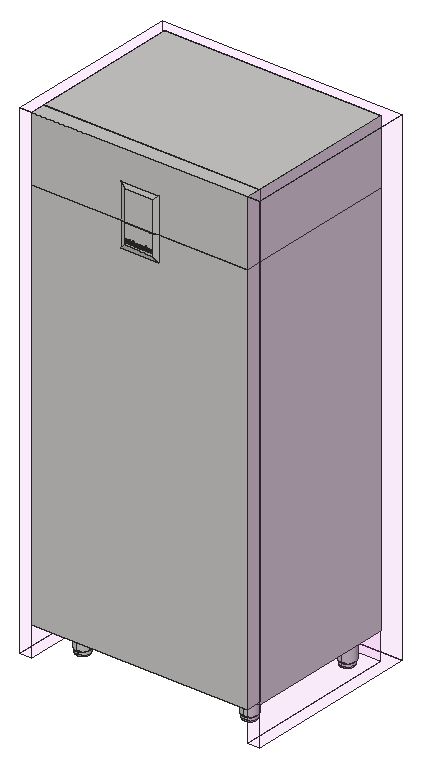
Revit family "QF_ELECTROLUXPROFESSIONAL_691349_PS06R1FHC", category Specialty Equipment, Revit 2018
Family settings
  Round Connector Dimension = Use Diameter
  Part Type = Normal
  Work Plane-Based = No
  Always vertical = Yes
  Cut with Voids When Loaded = No
  Shared = No
  Room Calculation Point = No
Parameters (values of type "Standard")
  Weight = 28.8044 lbm
  Watts = 0 W
  Volts = 220 V
  URL Manufacturer = "http://professional.electrolux.com"
  URL = "http://professional.electrolux.com"
  Steam Supply Size = 0"
  Steam Supply Minimum Pressure = 0.00 psi
  Steam Supply Maximum Pressure = 0.00 psi
  Steam Pounds per Hour = 0
  Show Clearance [instance] = yes
  Refrigeration Suction Line Size = 0"
  Refrigeration Liquid Line Size = 0"
  Refrigerant Compressor Remote = yes
  Phase = 1
  Model = "PS06R1FHC"
  Manufacturer = "Electrolux Professional"
  Length Actual = 900 mm  # constant formula
  Item Number = "691349"
  Hot Water Size = 0"
  Height Actual = 2040 mm  # constant formula
  HP = "0.2 HP"
  Gas Size = 0"
  Gas KW = 0
  Gas Input Pressure = 0.0 Btu/h
  Direct Waste Size = 0"
  Description = "1-DOOR REFRIGERATOR 720LT,0/+10°,PROSTORE-R290"
  Depth Actual = 700 mm  # constant formula
  Cycle = 50 Hz
  Condensate Return Size = 0"
  Compressed Air Volume = 0 GPM
  Compressed Air Size = 0"
  Compressed Air Pressure = 0.00 psi
  Cold Water Size = 0"
  Accessory = yes
Types (2, lengths in mm): name | URL | Phase | Model | Manufacturer | Description
  (no name) | "http://professional.electrolux.com/" | 0 | "RBC201" | "Electrolux" | "BLAST CHILLER 56 KG 20 GN1/1"
  Standard | "http://professional.electrolux.com" | 1 | "PS06R1FHC" | "Electrolux Professional" | "1-DOOR REFRIGERATOR 720LT,0/+10°,PROSTORE-R290"
Values of the unnamed type that differ from the named types
  Volts = 380 V
  URL Manufacturer = "http://professional.electrolux.com/"
  Item Number = "726624"
Reference planes
  plane 1 "BACK": y = 0
  plane 2: z = 0
  plane 3 "LEFT": x = 0
  plane 4 "RIGHT": x = 900
  plane 5 "FRONT": y = -700
  plane 6 "TOP": z = 2040
  plane 7 "Center Y": x = 450
  plane 8 "Center X": y = -350
  plane 9: x = 102
  plane 10: x = 798
  plane 11: z = 115
  plane 12: z = 86
  plane 13: y = -80
  plane 14: y = -694
  plane 15: y = -1527
  plane 16: y = -630
  plane 17: z = 1770
  plane 18: x = -50
  plane 19: y = 50
  plane 20: x = 950
Forms (mm)
  Extrusion 1, solid, material "QF_Metal - Stainless - Polished"
    sketch origin (0, 0, 0) x (1, 0, 0) y (0, 0, 1)
      loop
        line (0, 2040) -> (0, 1770) -> (900, 1770) -> (900, 2040) -> (0, 2040)
    from 0 to 630
  Extrusion 2, solid, material "QF_Metal - Stainless - Polished"
    sketch origin (0, 0, 0) x (1, 0, 0) y (0, 0, 1)
      loop
        line (0, 1770) -> (0, 115) -> (900, 115) -> (900, 1770) -> (0, 1770)
    from 0 to 630
  Extrusion 3, solid, material "QF_Metal - Stainless - Polished"
    sketch origin (-370, 0, -128) x (1, 0, 0) y (0, 0, 1)
      loop
        circle (450, 1847.083) r 20
    from -7.507 to 0
  Extrusion 4, solid, material "QF_Door-Drawer Clearances", visible <- "Show Clearance", detail levels coarse
    sketch origin (0, 0, 0) x (1, 0, 0) y (0, 1, 0)
      loop
        line (900, -694) -> (0, -694)
        arc (0, -694) -> (275.209, -1299.35) -> (900, -1527) r 859.201
        line (900, -1527) -> (900, -694)
    from 127.536 to 1770
  Extrusion 5, solid, material "QF_Metal - Stainless - Polished"
    sketch origin (0, 130.478, 0) x (1, 0, 0) y (0, 0, 1)
      loop
        line (0, 2040) -> (0, 1770) -> (900, 1770) -> (900, 2040) -> (0, 2040)
    from 760.478 to 824.478
  Extrusion 6, solid, material "QF_Metal - Stainless - Polished"
    sketch origin (0, 140, 0) x (1, 0, 0) y (0, 0, 1)
      loop
        line (0, 1770) -> (0, 127.536) -> (900, 127.536) -> (900, 1770) -> (0, 1770)
    from 834 to 770
  Revolve 7, solid, material "QF_Metal - Stainless - Polished"
    sketch origin (798, -2.833, 0) x (0, 1, 0) y (0, 0, -1)
      loop
        line (-590.954, -115) -> (-553.167, -115) -> (-553.167, 0) -> (-578.757, 0)
        arc (-578.757, 0) -> (-580.973, -2.655) -> (-581.767, -6.021) r 7.527
        line (-581.767, -6.021) -> (-581.767, -17.561) -> (-585.28, -21.074) -> (-585.28, -110.008) -> (-590.954, -110.008) -> (-590.954, -115)
      axis (-553.167, 0) -> (-553.167, -115)
    angle from 0 to 360
  Revolve 8, solid, material "QF_Metal - Stainless - Polished"
    sketch origin (102, -2.833, 0) x (0, 1, 0) y (0, 0, 1)
      loop
        line (-590.954, 115) -> (-590.954, 110.008) -> (-585.28, 110.008) -> (-585.28, 21.074) -> (-581.767, 17.561) -> (-581.767, 6.021)
        arc (-581.767, 6.021) -> (-580.973, 2.655) -> (-578.757, 0) r 7.527
        line (-578.757, 0) -> (-553.167, 0) -> (-553.167, 115) -> (-590.954, 115)
      axis (-553.167, 0) -> (-553.167, 115)
    angle from 0 to 360
  Revolve 9, solid, material "QF_Metal - Stainless - Polished"
    sketch origin (824, -759.167, 0) x (0, -1, 0) y (0, 0, 1)
      loop
        line (-716.954, 115) -> (-716.954, 110.008) -> (-711.28, 110.008) -> (-711.28, 21.074) -> (-707.767, 17.561) -> (-707.767, 6.021)
        arc (-707.767, 6.021) -> (-706.973, 2.655) -> (-704.757, 0) r 7.527
        line (-704.757, 0) -> (-679.167, 0) -> (-679.167, 115) -> (-716.954, 115)
      axis (-679.167, 0) -> (-679.167, 115)
    angle from 0 to 360
  Revolve 10, solid, material "QF_Metal - Stainless - Polished"
    sketch origin (76, -759.167, 0) x (0, -1, 0) y (0, 0, 1)
      loop
        line (-716.954, 115) -> (-716.954, 110.008) -> (-711.28, 110.008) -> (-711.28, 21.074) -> (-707.767, 17.561) -> (-707.767, 6.021)
        arc (-707.767, 6.021) -> (-706.973, 2.655) -> (-704.757, 0) r 7.527
        line (-704.757, 0) -> (-679.167, 0) -> (-679.167, 115) -> (-716.954, 115)
      axis (-679.167, 0) -> (-679.167, 115)
    angle from 0 to 360
  Blend 11, solid, material "QF_Metal - Stainless - Polished"
    base sketch origin (0, -694, 0) x (1, 0, 0) y (0, 0, 1)
      loop
        line (370, 1914.822) -> (370, 1664.822) -> (530, 1664.822) -> (530, 1914.822) -> (370, 1914.822)
    top sketch origin (0, -694, 0) x (1, 0, 0) y (0, 0, 1)
      loop
        line (510, 1894.822) -> (390, 1894.822) -> (390, 1684.822) -> (510, 1684.822) -> (510, 1894.822)
    from 0 to 6
  Extrusion 12, void
    sketch origin (0, -700, 0) x (-1, 0, 0) y (0, 0, 1)
      loop
        line (-370, 1770.997) -> (-530, 1770.997) -> (-530, 1769.003) -> (-370, 1769.003) -> (-370, 1770.997)
    from 0 to 6
  Extrusion 13, solid, material "QF_Door-Drawer Clearances"
    sketch origin (0, 0, 0) x (1, 0, 0) y (0, 1, 0)
      loop
        line (0, -694) -> (0, 0) -> (900, 0) -> (900, -694) -> (950, -694) -> (950, 50) -> (-50, 50) -> (-50, -694) -> (0, -694)
    from 0 to 2040
Cuts and joins
  Extrusion 12 cuts Extrusion 1
  Extrusion 12 cuts Extrusion 2
  Extrusion 12 cuts Extrusion 5
  Extrusion 12 cuts Extrusion 6
  Extrusion 12 cuts Blend 11
Lines and regions (mm)
  Split face 1
    outline origin (0, -700, 0) x (1, 0, 0) y (0, 0, 1)
      loop
        line (415, 1894.822) -> (415, 1742.499) -> (485, 1742.499) -> (485, 1894.822)
  symbolic lines
    curve 1: line (0, 0, 0) -> (900, 0, 0)
    curve 2: line (0, -694, 0) -> (0, 0, 0)
    curve 3: line (900, -694, 0) -> (0, -694, 0)
    curve 4: line (900, 0, 0) -> (900, -694, 0)
    curve 5: line (0, -630, 0) -> (900, -630, 0)
    curve 6: line (370, -694, 0) -> (390, -700, 0)
    curve 7: line (390, -700, 0) -> (510, -700, 0)
    curve 8: line (510, -700, 0) -> (530, -694, 0)
  symbolic lines, style "QF_Door-Drawer Clearances"
    curve 9: arc (0, -694, 0) -> (275.209, -1299.35, 0) -> (900, -1527, 0) r 859.201
    curve 10: line (900, -1527, 0) -> (900, -694, 0)
    curve 11: line (0, -694, 0) -> (-50, -694, 0)
    curve 12: line (-50, -694, 0) -> (-50, 50, 0)
    curve 13: line (-50, 50, 0) -> (950, 50, 0)
    curve 14: line (950, 50, 0) -> (950, -694, 0)
    curve 15: line (950, -694, 0) -> (900, -694, 0)
Dimensions and locks
  equal spacing: plane 3 "LEFT", plane 7 "Center Y", plane 4 "RIGHT"
  plane 3 "LEFT" to plane 4 "RIGHT" = 900 mm
  equal spacing: plane 5 "FRONT", plane 8 "Center X", plane 1 "BACK"
  plane 5 "FRONT" to plane 1 "BACK" = 700 mm
  plane 6 "TOP" to level = 2040 mm
  plane 9 to plane 3 "LEFT" = 102 mm
  plane 10 to plane 4 "RIGHT" = 102 mm
  plane 10 to plane 9 = 696 mm
  plane 11 to level = 115 mm
  plane 12 to plane 11 = 29 mm
  plane 1 "BACK" to plane 13 = 80 mm
  plane 15 to plane 1 "BACK" = 1527 mm
  plane 3 "LEFT" to Extrusion 4 = 900 mm
  plane 11 to plane 2 = 115 mm
  plane 1 "BACK" to plane 16 = 630 mm
  plane 18 to plane 3 "LEFT" = 50 mm
  plane 4 "RIGHT" to plane 20 = 50 mm
  plane 1 "BACK" to plane 19 = 50 mm
  aligned and locked: level to plane 2
  aligned and locked: Extrusion 5 to plane 4 "RIGHT"
  aligned and locked: Extrusion 5 to plane 3 "LEFT"
  aligned and locked: plane 5 "FRONT" to Blend 11
Automatic sketch dimensions
  Extrusion 1 sketch curve to plane 3 "LEFT" = 0 mm
  plane 4 "RIGHT" to Extrusion 1 sketch curve = 0 mm
  Extrusion 1 sketch curve to plane 17 = 0 mm
  Extrusion 1 sketch curve to plane 6 "TOP" = 0 mm
  Extrusion 2 sketch curve to plane 3 "LEFT" = 0 mm
  plane 4 "RIGHT" to Extrusion 2 sketch curve = 0 mm
  Extrusion 2 sketch curve to plane 11 = 0 mm
  Extrusion 2 sketch curve to plane 17 = 0 mm
  Extrusion 3 sketch curve to plane 9 = 22 mm
  Extrusion 3 sketch curve to plane 17 = 50.917 mm
  Extrusion 4 sketch curve to plane 3 "LEFT" = 0 mm
  Extrusion 4 sketch curve to plane 4 "RIGHT" = 0 mm
  Extrusion 4 sketch curve to plane 15 = 0 mm
  plane 14 to Extrusion 4 sketch curve = 0 mm
  Extrusion 4 sketch curve to plane 14 = 25.214 mm
  Extrusion 5 sketch curve to plane 3 "LEFT" = 0 mm
  plane 4 "RIGHT" to Extrusion 5 sketch curve = 0 mm
  Extrusion 5 sketch curve to plane 17 = 0 mm
  Extrusion 5 sketch curve to plane 6 "TOP" = 0 mm
  Extrusion 6 sketch curve to plane 3 "LEFT" = 0 mm
  plane 4 "RIGHT" to Extrusion 6 sketch curve = 0 mm
  Extrusion 6 sketch curve to plane 17 = 0 mm
  plane 11 to Extrusion 6 sketch curve = 12.536 mm
  plane 11 to Revolve 7 sketch curve = 0 mm
  Revolve 7 sketch curve to level = 0 mm
  plane 16 to Revolve 7 sketch curve = 36.213 mm
  Revolve 7 sketch curve to Revolve 7 sketch curve = 5.674 mm
  Revolve 7 sketch curve to Revolve 7 sketch curve = 3.513 mm  (x2)
  Revolve 7 sketch curve to Revolve 7 sketch curve = 3.01 mm
  level to Revolve 7 sketch curve = 6.021 mm
  Revolve 7 sketch curve to Revolve 7 sketch curve = 21.073 mm
  Revolve 7 sketch curve to plane 11 = 4.992 mm  (x2)
  Revolve 7 sketch curve to Revolve 7 sketch curve = 15.053 mm
  Revolve 7 sketch curve to Revolve 7 sketch curve = 0 mm
  Revolve 7 sketch curve to Revolve 7 sketch curve = 20.008 mm
  Revolve 8 sketch curve to plane 11 = 0 mm
  Revolve 8 sketch curve to level = 0 mm
  plane 16 to Revolve 8 sketch curve = 36.213 mm
  Revolve 8 sketch curve to Revolve 8 sketch curve = 5.674 mm
  Revolve 8 sketch curve to Revolve 8 sketch curve = 3.513 mm  (x2)
  Revolve 8 sketch curve to Revolve 8 sketch curve = 3.01 mm
  level to Revolve 8 sketch curve = 6.021 mm
  Revolve 8 sketch curve to Revolve 8 sketch curve = 21.073 mm
  Revolve 8 sketch curve to Revolve 8 sketch curve = 11.54 mm
  Revolve 8 sketch curve to plane 11 = 4.992 mm
  Revolve 8 sketch curve to Revolve 8 sketch curve = 0 mm
  Revolve 8 sketch curve to Revolve 8 sketch curve = 4.992 mm
  plane 11 to Revolve 8 sketch curve = 20.008 mm
  Revolve 9 sketch curve to plane 11 = 0 mm
  Revolve 9 sketch curve to level = 0 mm
  Revolve 9 sketch curve to plane 13 = 0 mm  (x2)
  level to Revolve 9 sketch curve = 6.021 mm
  Revolve 9 sketch curve to plane 13 = 21.073 mm
  Revolve 9 sketch curve to Revolve 9 sketch curve = 4.517 mm
  Revolve 9 sketch curve to Revolve 9 sketch curve = 3.513 mm  (x2)
  Revolve 9 sketch curve to Revolve 9 sketch curve = 5.674 mm
  Revolve 9 sketch curve to Revolve 9 sketch curve = 11.54 mm
  Revolve 9 sketch curve to plane 11 = 4.992 mm
  Revolve 9 sketch curve to Revolve 9 sketch curve = 4.992 mm
  plane 11 to Revolve 9 sketch curve = 20.008 mm
  Revolve 10 sketch curve to plane 11 = 0 mm
  Revolve 10 sketch curve to level = 0 mm
  Revolve 10 sketch curve to plane 13 = 0 mm  (x2)
  Revolve 10 sketch curve to level = 6.021 mm
  plane 13 to Revolve 10 sketch curve = 21.073 mm
  Revolve 10 sketch curve to Revolve 10 sketch curve = 4.517 mm
  Revolve 10 sketch curve to Revolve 10 sketch curve = 3.513 mm  (x2)
  Revolve 10 sketch curve to Revolve 10 sketch curve = 5.674 mm
  Revolve 10 sketch curve to Revolve 10 sketch curve = 11.54 mm
  plane 11 to Revolve 10 sketch curve = 4.992 mm  (x2)
  Revolve 10 sketch curve to Revolve 10 sketch curve = 20.008 mm
  Blend 11 sketch curve to Extrusion 6 = 105.178 mm
  Blend 11 sketch curve to Extrusion 6 = 370 mm
  Blend 11 sketch curve to Blend 11 sketch curve = 160 mm
  Extrusion 6 to Blend 11 sketch curve = 144.822 mm
  Extrusion 6 to Blend 11 sketch curve = 124.822 mm
  Blend 11 sketch curve to Extrusion 6 = 390 mm
  Blend 11 sketch curve to Blend 11 sketch curve = 120 mm
  Blend 11 sketch curve to Extrusion 6 = 85.178 mm
  Split face 1 sketch curve to Blend 11 = 0 mm  (x2)
  Split face 1 sketch curve to Blend 11 = 25 mm  (x2)
  Split face 1 sketch curve to Blend 11 = 57.677 mm
  Extrusion 12 sketch curve to Blend 11 = 20 mm  (x2)
  Blend 11 to Extrusion 12 sketch curve = 84.181 mm
  Extrusion 12 sketch curve to Extrusion 12 sketch curve = 1.995 mm
  Extrusion 13 sketch curve to plane 18 = 0 mm
  plane 1 "BACK" to Extrusion 13 sketch curve = 0 mm
  Extrusion 13 sketch curve to plane 3 "LEFT" = 0 mm
  Extrusion 13 sketch curve to plane 4 "RIGHT" = 0 mm
  Extrusion 13 sketch curve to plane 19 = 0 mm
  Extrusion 13 sketch curve to plane 20 = 0 mm
  plane 14 to Extrusion 13 sketch curve = 0 mm  (x2)
  curve 13 to plane 18 = 0 mm
  curve 3 to plane 3 "LEFT" = 0 mm
  plane 5 "FRONT" to curve 7 = 0 mm
  curve 9 to plane 4 "RIGHT" = 0 mm
  curve 15 to plane 4 "RIGHT" = 0 mm
  plane 14 to curve 14 = 0 mm
  curve 14 to plane 20 = 0 mm
  curve 10 to plane 15 = 0 mm
  curve 5 to plane 16 = 0 mm
  plane 1 "BACK" to curve 4 = 0 mm
  curve 13 to plane 19 = 0 mm
  curve 7 to plane 7 "Center Y" = 60 mm
  plane 7 "Center Y" to curve 8 = 60 mm
  curve 9 to plane 14 = 25.214 mm
  curve 6 to curve 6 = 20 mm
  curve 7 to curve 8 = 20 mm
  radius of Extrusion 3 sketch curve = 20 mm
Nested families
  nested 1: "ELX_Logo_S" at (450.625, -700, 1704.375) x (1, 0, 0) z (0, -1, 0), type "ELX_Logo_S"
Connectors
  electrical at (80, 7.507, 1719.083), driven by "Volts"
    settings: on Extrusion 3, index 2, voltage 220 V, apparent load 0 VA, apparent load phase1 0 VA, apparent load phase2 0 VA, apparent load phase3 0 VA, power factor 1, load classification "Other", number of poles 1, system type 30, power factor state 1, is connector primary yes, connector utility no, sub classification motor no, connector description "Electrical Connection"
Definition of nested family "ELX_Logo_S"
  Parameters (values of type "ELX_Logo_S")
    Default Elevation = 0 mm
  Reference planes
    plane 1 "Centro (Fronte/Retro)": y = 0
    plane 2: z = 0
    plane 3 "Centro (Sinistra/Destra)": x = 0
  Forms (mm)
    Extrusion 1, solid
      sketch origin (0, 0, 0) x (1, 0, 0) y (0, 1, 0)
        loop
          line (-1219.2, 1219.2) -> (-1219.2, -1219.2) -> (1219.2, -1219.2) -> (1219.2, 1219.2) -> (-1219.2, 1219.2)
      from 0 to -304.8
    Extrusion 2, solid
      sketch origin (0, 0, 0) x (1, 0, 0) y (0, 1, 0)
        loop
          line (-43.793, 5.912) -> (-43.793, -6.455)
          arc (-43.793, -6.455) -> (-39.222, -0.272) -> (-43.793, 5.912) r 6.467
        loop
          arc (-44.422, 5.912) -> (-49.565, 4.743) -> (-52.043, 0.087) r 6.338
          line (-52.043, 0.087) -> (-49.997, 0.087)
          arc (-49.997, 0.087) -> (-46.342, 1.57) -> (-44.422, 5.016) r 5.941
          line (-44.422, 5.016) -> (-44.422, 5.912)
        loop
          arc (-44.422, -5.559) -> (-46.342, -2.114) -> (-49.997, -0.63) r 5.941
          line (-49.997, -0.63) -> (-52.043, -0.63)
          arc (-52.043, -0.63) -> (-49.569, -5.324) -> (-44.422, -6.614) r 6.504
          line (-44.422, -6.614) -> (-44.422, -5.559)
        loop
          line (-52.512, 6.586) -> (-52.512, -7.158) -> (-38.749, -7.158) -> (-38.749, 6.586) -> (-52.512, 6.586)
        loop
          arc (-35.782, 6.67) -> (-36.139, 6.322) -> (-35.801, 5.955) r 0.358
          arc (-35.801, 5.955) -> (-35.051, 5.641) -> (-34.666, 4.924) r 1.216
          line (-34.666, 4.924) -> (-34.666, -5.488)
          arc (-34.666, -5.488) -> (-34.944, -6.148) -> (-35.54, -6.544) r 1.238
          arc (-35.54, -6.544) -> (-35.791, -6.939) -> (-35.437, -7.244) r 0.358
          line (-35.437, -7.244) -> (-25.558, -7.244) -> (-25.558, -4.494) -> (-26.455, -4.494)
          arc (-26.455, -4.494) -> (-27.035, -5.403) -> (-28.012, -5.858) r 1.928
          line (-28.012, -5.858) -> (-30.511, -5.858)
          arc (-30.511, -5.858) -> (-31.24, -5.583) -> (-31.604, -4.894) r 1.101
          line (-31.604, -4.894) -> (-31.604, -0.808) -> (-27.931, -0.808)
          arc (-27.931, -0.808) -> (-27.434, -1.16) -> (-27.206, -1.725) r 1.083
          arc (-27.206, -1.725) -> (-26.9, -1.989) -> (-26.622, -1.697) r 0.292
          line (-26.622, -1.697) -> (-26.622, 1.265)
          arc (-26.622, 1.265) -> (-26.895, 1.568) -> (-27.225, 1.329) r 0.305
          arc (-27.225, 1.329) -> (-27.473, 0.839) -> (-27.931, 0.534) r 1.083
          line (-27.931, 0.534) -> (-31.604, 0.534) -> (-31.604, 5.211) -> (-27.857, 5.211)
          arc (-27.857, 5.211) -> (-27.101, 4.997) -> (-26.603, 4.39) r 1.314
          arc (-26.603, 4.39) -> (-26.199, 4.171) -> (-25.907, 4.526) r 0.361
          line (-25.907, 4.526) -> (-25.907, 6.67) -> (-35.782, 6.67)
        loop
          arc (-25.126, 5.953) -> (-24.207, 5.572) -> (-23.827, 4.654) r 1.299
          line (-23.827, 4.654) -> (-23.827, -4.925)
          arc (-23.827, -4.925) -> (-24.205, -5.763) -> (-25.083, -6.035) r 1.118
          line (-25.083, -6.035) -> (-25.083, -7.244) -> (-19.733, -7.244) -> (-19.733, -6.056)
          arc (-19.733, -6.056) -> (-20.65, -5.784) -> (-21.046, -4.914) r 1.153
          line (-21.046, -4.914) -> (-21.046, 7.158) -> (-25.126, 5.953)
        loop
          line (-17.097, -2.28) -> (-10.65, -2.28) -> (-10.65, -1.481)
          arc (-10.65, -1.481) -> (-11.634, 1.1) -> (-14.088, 2.369) r 3.874
          line (-14.088, 2.369) -> (-15.848, 2.369)
          arc (-15.848, 2.369) -> (-18.713, 1.182) -> (-19.899, -1.682) r 4.051
          line (-19.899, -1.682) -> (-19.899, -3.691)
          arc (-19.899, -3.691) -> (-18.414, -6.509) -> (-15.407, -7.561) r 4.352
          arc (-15.407, -7.561) -> (-12.944, -7.196) -> (-10.87, -5.819) r 5.713
          line (-10.87, -5.819) -> (-10.87, -4.87)
          arc (-10.87, -4.87) -> (-12.439, -5.603) -> (-14.157, -5.819) r 5.579
          arc (-14.157, -5.819) -> (-16.12, -5.025) -> (-17.097, -3.146) r 3.057
          line (-17.097, -3.146) -> (-17.097, -2.28)
        loop
          line (-17.097, -1.02) -> (-13.515, -1.02)
          arc (-13.515, -1.02) -> (-13.468, 0.436) -> (-14.627, 1.319) r 1.59
          line (-14.627, 1.319) -> (-15.457, 1.319)
          arc (-15.457, 1.319) -> (-16.712, 0.455) -> (-17.097, -1.02) r 2.184
        loop
          arc (-1.232, 1.771) -> (-2.906, 2.259) -> (-4.643, 2.417) r 9.023
          line (-4.643, 2.417) -> (-6.005, 2.417)
          arc (-6.005, 2.417) -> (-8.805, 1.257) -> (-9.965, -1.542) r 3.959
          line (-9.965, -1.542) -> (-9.965, -4.142)
          arc (-9.965, -4.142) -> (-8.672, -6.424) -> (-6.299, -7.541) r 4.331
          line (-6.299, -7.541) -> (-4.164, -7.541)
          arc (-4.164, -7.541) -> (-2.614, -7.033) -> (-1.268, -6.112) r 5.772
          arc (-1.268, -6.112) -> (-1.217, -5.35) -> (-1.976, -5.263) r 0.553
          arc (-1.976, -5.263) -> (-2.71, -5.651) -> (-3.529, -5.785) r 2.573
          line (-3.529, -5.785) -> (-5.044, -5.785)
          arc (-5.044, -5.785) -> (-6.686, -4.779) -> (-7.328, -2.965) r 2.884
          line (-7.328, -2.965) -> (-7.328, -1.686)
          arc (-7.328, -1.686) -> (-6.768, 0.135) -> (-5.103, 1.062) r 2.554
          line (-5.103, 1.062) -> (-4.05, 1.062)
          arc (-4.05, 1.062) -> (-3.122, 0.73) -> (-2.387, 0.073) r 2.564
          arc (-2.387, 0.073) -> (-1.67, -0.148) -> (-1.232, 0.461) r 0.643
          line (-1.232, 0.461) -> (-1.232, 1.771)
        loop
          line (-0.962, 0.752) -> (0.539, 0.752) -> (0.539, -5.296)
          arc (0.539, -5.296) -> (1.197, -6.884) -> (2.785, -7.541) r 2.246
          line (2.785, -7.541) -> (4.369, -7.541)
          arc (4.369, -7.541) -> (5.233, -7.228) -> (6.005, -6.727) r 4.06
          arc (6.005, -6.727) -> (6.138, -5.995) -> (5.437, -5.743) r 0.576
          arc (5.437, -5.743) -> (4.911, -5.849) -> (4.379, -5.785) r 1.69
          arc (4.379, -5.785) -> (3.591, -5.244) -> (3.288, -4.337) r 1.506
          line (3.288, -4.337) -> (3.288, 0.801) -> (5.685, 0.801) -> (6.241, 1.357) -> (6.241, 2.179) -> (3.382, 2.179) -> (3.382, 5.41) -> (-0.962, 0.752)
        loop
          line (7.139, -7.324) -> (12.526, -7.324) -> (12.526, -6.214)
          arc (12.526, -6.214) -> (11.575, -5.82) -> (11.181, -4.869) r 1.345
          line (11.181, -4.869) -> (11.181, -1.253)
          arc (11.181, -1.253) -> (11.773, -0.488) -> (12.695, -0.199) r 1.615
          line (12.695, -0.199) -> (14.251, -0.199) -> (14.936, 2.357) -> (13.553, 2.357) -> (10.994, 0.414) -> (10.994, 2.295) -> (8.288, 2.01)
          arc (8.288, 2.01) -> (7.758, 1.571) -> (7.959, 0.912) r 0.621
          arc (7.959, 0.912) -> (8.301, 0.512) -> (8.484, 0.018) r 1.501
          line (8.484, 0.018) -> (8.484, -4.869)
          arc (8.484, -4.869) -> (8.09, -5.82) -> (7.139, -6.214) r 1.345
          line (7.139, -6.214) -> (7.139, -7.324)
        loop
          line (14.473, -1.222) -> (14.473, -3.914)
          arc (14.473, -3.914) -> (15.781, -6.36) -> (18.311, -7.494) r 4.288
          arc (18.311, -7.494) -> (19.692, -7.557) -> (21.072, -7.494) r 15.022
          arc (21.072, -7.494) -> (23.603, -6.36) -> (24.91, -3.914) r 4.288
          line (24.91, -3.914) -> (24.91, -1.222)
          arc (24.91, -1.222) -> (23.603, 1.223) -> (21.072, 2.357) r 4.288
          arc (21.072, 2.357) -> (19.692, 2.421) -> (18.311, 2.357) r 15.022
          arc (18.311, 2.357) -> (15.781, 1.223) -> (14.473, -1.222) r 4.288
        loop
          line (17.587, -1.017) -> (17.587, -4.119)
          arc (17.587, -4.119) -> (19.744, -6.276) -> (21.901, -4.119) r 2.157
          line (21.901, -4.119) -> (21.901, -1.017)
          arc (21.901, -1.017) -> (19.744, 1.14) -> (17.587, -1.017) r 2.157
        loop
          arc (24.768, 5.964) -> (25.662, 5.593) -> (26.033, 4.699) r 1.264
          line (26.033, 4.699) -> (26.033, -5.165)
          arc (26.033, -5.165) -> (25.636, -6.035) -> (24.72, -6.307) r 1.153
          line (24.72, -6.307) -> (24.72, -7.244) -> (29.828, -7.244) -> (29.828, -6.316)
          arc (29.828, -6.316) -> (29.056, -5.957) -> (28.741, -5.165) r 1.153
          line (28.741, -5.165) -> (28.741, 7.158) -> (24.768, 5.964)
        loop
          arc (29.365, 1.084) -> (30.43, 0.885) -> (30.912, -0.085) r 1.215
          line (30.912, -0.085) -> (30.912, -5.105)
          arc (30.912, -5.105) -> (31.559, -6.719) -> (33.142, -7.44) r 2.338
          line (33.142, -7.44) -> (34.657, -7.44)
          arc (34.657, -7.44) -> (35.661, -7.266) -> (36.547, -6.763) r 2.979
          line (36.547, -6.763) -> (38.344, -7.244) -> (40.032, -7.244) -> (40.032, 2.181) -> (35.829, 1.887) -> (35.829, 1.101)
          arc (35.829, 1.101) -> (36.665, 0.745) -> (37.174, -0.007) r 1.605
          line (37.174, -0.007) -> (37.174, -5.11)
          arc (37.174, -5.11) -> (36.237, -5.531) -> (35.213, -5.603) r 2.94
          arc (35.213, -5.603) -> (34.112, -5.042) -> (33.669, -3.889) r 1.724
          line (33.669, -3.889) -> (33.669, 2.307) -> (29.365, 1.084)
        loop
          line (40.886, 2.112) -> (42.932, 0.44) -> (45.238, -2.734) -> (42.126, -6.191)
          arc (42.126, -6.191) -> (41.732, -6.428) -> (41.273, -6.405) r 0.789
          line (41.273, -6.405) -> (41.273, -7.244) -> (44.818, -7.244) -> (44.818, -6.418)
          arc (44.818, -6.418) -> (44.456, -6.076) -> (44.548, -5.586) r 0.52
          line (44.548, -5.586) -> (46.019, -3.786) -> (47.394, -5.904)
          arc (47.394, -5.904) -> (47.084, -6.305) -> (46.585, -6.392) r 0.7
          line (46.585, -6.392) -> (46.585, -7.244) -> (52.512, -7.244) -> (52.512, -6.358)
          arc (52.512, -6.358) -> (51.853, -6.291) -> (51.322, -5.896) r 1.247
          line (51.322, -5.896) -> (48.041, -1.696) -> (50.094, 0.751) -> (51.836, 2.112) -> (48.112, 2.112) -> (48.535, 0.627) -> (47.258, -0.895) -> (46.068, 0.806) -> (46.844, 2.112) -> (40.886, 2.112)
      from 0 to 1.644
  Dimensions and locks
    aligned and locked: plane 2 to Extrusion 1
    aligned and locked: level to Extrusion 1
